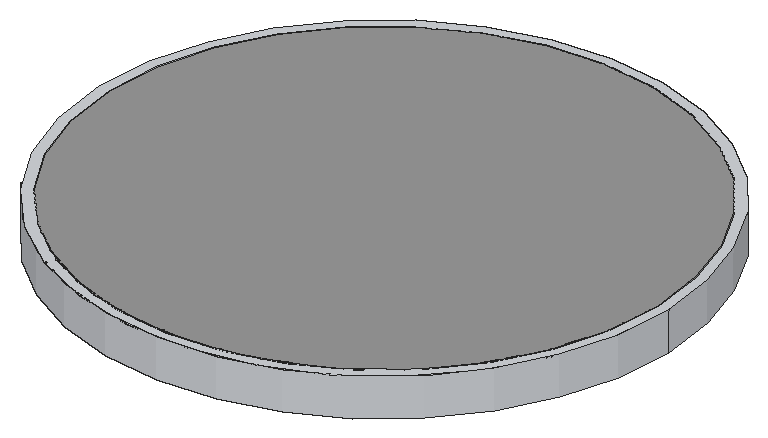
Revit family "2071262", category Lighting Fixtures, host Face, Revit 2018
Family settings
  Host = Face
  Round Connector Dimension = Use Diameter
  Part Type = Normal
  OmniClass Number = 23.80.70.00
  OmniClass Title = Lighting
  Cut with Voids When Loaded = No
  Light Source = Yes
  Shared = No
  Room Calculation Point = No
Parameters (values of type "2071262 COLOSSAL 900 830 PR DIR+H WHT DALI EM")
  iner diameter = 856 mm
  Weight = "n/a"
  Wattage Comments = ""
  Wattage = 30 W
  WarrantyStartDate [instance] = "n/a"
  WarrantyGuarantorParts = "n/a"
  WarrantyDurationUnit = "n/a"
  WarrantyDurationParts = ""
  WarrantyDescription = "http://www.sylvania-lighting.com"
  built-in parameter 1150110 = 1 (stored number, unit not read)
  Voltage = 230 V
  URL = "0.99"
  TypeName = "COLOSSAL 900mm 830 PRISM DIR+HAL WHITE DALI EM"
  Type Image = <None>
  Type Comments = "n/a"
  built-in parameter 1114217 = 1 (stored number, unit not read)
  Tilt Angle = -90.00°
  built-in parameter 1150109 = 1 (stored number, unit not read)
  built-in parameter 1150134 = (empty or 0)
  built-in parameter 1150113 = 1 (stored number, unit not read)
  SerialNumber [instance] = "n/a"
  Photometric Web File = "2071262.ies"
  Material_3_SYL = LED-Sylvania
  PowerFactor = 0
  PowerConsumption = "Lighting"
  NominalLength = 888 mm
  NominalHeight = 93 mm
  NominalDepth = 888 mm
  Name = "COLOSSAL 900mm 830 PRISM DIR+HAL WHITE DALI EM"
  ModelReference = Name  # "COLOSSAL 900mm 830 PRISM DIR+HAL WHITE DALI EM"
  ModelNumber = "2071262"
  Model = Name  # "COLOSSAL 900mm 830 PRISM DIR+HAL WHITE DALI EM"
  Material = "Feilo Sylvania"
  ManufacturerName = "132 lm/W"
  Manufacturer = ""
  LuminousEfficacy = ""
  built-in parameter 1150105 = 270.44 (stored number, unit not read)
  Lumens = 3398.4 lm
  LuminaireType = "0"
  built-in parameter 1150115 = 1 (stored number, unit not read)
  LightOutputRatio = "LED"
  built-in parameter 1150137 = (empty or 0)
  built-in parameter 1150139 = (empty or 0)
  LampsType = Lamp  # "n/a"
  LampNominalLuminous = "3000 K"
  LampMacAdamStep = "80"
  LampColourTemperature = "LED"
  LampColourRenderingIndex = "16500"
  built-in parameter 1150112 = 1 (stored number, unit not read)
  built-in parameter 1150114 = 1 (stored number, unit not read)
  Lamp = "n/a"
  Keynote = "n/a"
  InstallationDate [instance] = "n/a"
  InputVoltage = "0"
  InputNominalFrequency = "3000"
  built-in parameter 1150132 = (empty or 0)
  built-in parameter 1150102 = (empty or 0)
  built-in parameter 1150107 = 3000 (stored number, unit not read)
  built-in parameter 1150138 = (empty or 0)
  IngressProtection = "IfcLightFixtureType"
  ImpactProtectionIndex = "IfcLightFixtureType"
  built-in parameter 1150106 = 2.7044 (stored number, unit not read)
  IfcExportType = "IfcLightFixtureType"
  IfcExportAs = "Class I"
  Emit from Circle Diameter = 385 mm
  Emit Shape Visible in Rendering = no
  ElectricShockClassification = "132"
  built-in parameter 1150104 = 10.524 (stored number, unit not read)
  DocumentationLiterature = "http://www.sylvania-lighting.com/product/en-int/products/2071262"
  DimmingControlOptions = "n/a"
  Material_2_SYL = Polycarbonate_Sylvania_White
  Dimming Lamp Color Temperature Shift = <None>
  Description = "900mm diameter circular architectural luminaire, can be surface mounted or suspended. Powder coated aluminium housing (RAL9016) with PMMA prismatic diffuser. Direct/indirect (halo) light distribution, 7895lm luminuous flux, 60W system power, 132lm/W luminiaire efficacy. DALI dimmable. 3 hours integrated emergency. Colour rendering index Ra >80, 3000K Warm White LED, chromaticity tolerance of 3-step MacAdam ellipse. IP40/IP20, IK03. 350mA drive current. UGR≤19. Electrical protection Class1, 220-240V. Reported lifetime 66k hours L90B10."
  Default Elevation = 1219.2 mm
  CreatedOn = "23/03/2022"
  CreatedBy = "@sylvania-lighting.com"
  Cost = 0
  Color Filter = 16777215
  built-in parameter 1114216 [instance] = (empty or 0)
  ClassificationValue = "EF_70_80"
  ClassificationName = "Uniclass2015"
  Material_1_SYL = Polycarbonate_Sylvania_Opal
  BarCode [instance] = "n/a"
  built-in parameter 1114218 = 1 (stored number, unit not read)
  built-in parameter 1150133 = 10 (stored number, unit not read)
  AssetType = "Fixed"
  AssetIdentifier [instance] = "n/a"
  Assembly Code = "D5020200"
  Apparent Load = 60 VA
  Material_4_SYL = none
Reference planes
  plane 1 "Center (Front/Back)": y = 0
  plane 2: z = 0
  plane 3 "Center (Left/Right)": x = 0
  plane 4: z = 1.161
  plane 5: z = 16.161
  plane 6: x = -444
  plane 7: x = 444
  plane 8: y = 444
  plane 9: y = -444
  plane 10: y = 236
  plane 11: y = -236
  plane 12: x = 85
  plane 13: x = -85
  plane 14: through (0, 0, 1219.2) normal (0.5, 0.866, 0)
  plane 15: through (42.5, 73.612, 1219.2) normal (0.5, 0.866, 0)
  plane 16: through (-42.5, -73.612, 1219.2) normal (0.5, 0.866, 0)
  plane 17: through (0, 0, 1219.2) normal (0.5, -0.866, 0)
  plane 18: through (-42.5, 73.612, 1219.2) normal (0.5, -0.866, 0)
  plane 19: through (42.5, -73.612, 1219.2) normal (0.5, -0.866, 0)
  plane 20: z = 93
  plane 21: y = 428
  plane 22: y = -428
Forms (mm)
  Extrusion 1, solid, detail levels medium+fine
    sketch origin (0, 0, 0) x (0.866025, -0.5, 0) y (0.5, 0.866025, 0)
      loop
        circle (-50, 86.603) r 22
    from 0 to 2
  Extrusion 2, solid, detail levels medium+fine
    sketch origin (0, 0, 0) x (0.866025, -0.5, 0) y (0.5, 0.866025, 0)
      loop
        circle (100, 0) r 22
      loop
        circle (-50, -86.603) r 22
    from 0 to 2
  Blend 3, solid, detail levels medium+fine
    base sketch origin (0, 0, 0) x (1, 0, 0) y (0, 1, 0)
      loop
        line (-85, 236) -> (-246.882, -44.388) -> (-161.882, -191.612) -> (161.882, -191.612) -> (246.882, -44.388) -> (85, 236) -> (-85, 236)
    top sketch origin (0, 0, 0) x (1, 0, 0) y (0, 1, 0)
      loop
        line (-85, 283.076) -> (-287.651, -67.926) -> (-207.792, -218.119) -> (207.792, -218.119) -> (292.5, -71.401) -> (85, 283.076) -> (-85, 283.076)
    from 0 to 33.022
  Extrusion 4, solid, detail levels medium+fine
    sketch origin (0, 0, 0) x (1, 0, 0) y (0, 1, 0)
      loop
        circle (0, 0) r 444
    from 33.022 to 93
  Extrusion 5, void
    sketch origin (0, 0, 0) x (1, 0, 0) y (0, 1, 0)
      loop
        circle (0, 0) r 428
    from 96.588 to 37.292
  Extrusion 6, solid, material "Glass, White, High Luminance", detail levels fine
    sketch origin (0, 0, 0) x (1, 0, 0) y (0, 1, 0)
      loop
        circle (0, 0) r 428
    from 87.991 to 93
  Extrusion 7, solid, detail levels coarse
    sketch origin (0, 0, 0) x (1, 0, 0) y (0, 1, 0)
      loop
        line (-444, 444) -> (-444, -444) -> (444, -444) -> (444, 444) -> (-444, 444)
    from 0 to 93.648
Cuts and joins
  Extrusion 5 cuts Extrusion 1
  Extrusion 5 cuts Extrusion 2
  Extrusion 5 cuts Blend 3
  Extrusion 5 cuts Extrusion 4
Lines and regions (mm)
  model lines, detail levels medium+fine
    curve 1: circle (0, 0, 0) r 100 normal (0, 0, 1)
Dimensions and locks
  "NominalDepth": plane 8 to plane 9
  plane 8 to plane 1 "Center (Front/Back)" to plane 9 = 444 mm, 444 mm
  "NominalLength": plane 6 to plane 7
  equal spacing: plane 6, plane 3 "Center (Left/Right)", plane 7
  "NominalHeight": level to plane 20
  "iner diameter": plane 21 to plane 22
  equal spacing: plane 21, plane 1 "Center (Front/Back)", plane 22
  aligned and locked: plane 2 to host face
  aligned and locked: level to host face
Automatic sketch dimensions
  host sketch curve to host sketch curve = 2438.4 mm  (x2)
  Extrusion 1 sketch curve to plane 3 "Center (Left/Right)" = 0 mm
  Extrusion 1 sketch curve to plane 1 "Center (Front/Back)" = 100 mm
  plane 1 "Center (Front/Back)" to Extrusion 2 sketch curve = 50 mm
  Extrusion 2 sketch curve to plane 3 "Center (Left/Right)" = 86.603 mm
  Extrusion 2 sketch curve to Extrusion 2 sketch curve = 150 mm
  Extrusion 2 sketch curve to Extrusion 2 sketch curve = 86.603 mm
  plane 1 "Center (Front/Back)" to curve 1 = 0 mm
  curve 1 to plane 3 "Center (Left/Right)" = 0 mm
  plane 18 to Blend 3 sketch curve = 0 mm  (x2)
  plane 19 to Blend 3 sketch curve = 0 mm  (x2)
  Blend 3 sketch curve to plane 10 = 0 mm
  Blend 3 sketch curve to plane 13 = 0 mm  (x2)
  Blend 3 sketch curve to plane 12 = 0 mm  (x2)
  Blend 3 sketch curve to plane 16 = 0 mm  (x2)
  Blend 3 sketch curve to plane 15 = 0 mm
  plane 11 to Blend 3 sketch curve = 44.388 mm
  plane 1 "Center (Front/Back)" to Blend 3 sketch curve = 44.388 mm  (x2)
  plane 11 to Blend 3 sketch curve = 17.881 mm
  plane 1 "Center (Front/Back)" to Blend 3 sketch curve = 67.926 mm
  plane 1 "Center (Front/Back)" to Blend 3 sketch curve = 71.401 mm
  Blend 3 sketch curve to plane 7 = 151.5 mm
  plane 10 to Blend 3 sketch curve = 47.076 mm
  plane 1 "Center (Front/Back)" to Extrusion 4 sketch curve = 0 mm
  Extrusion 4 sketch curve to plane 3 "Center (Left/Right)" = 0 mm
  plane 1 "Center (Front/Back)" to Extrusion 5 sketch curve = 0 mm
  Extrusion 5 sketch curve to plane 3 "Center (Left/Right)" = 0 mm
  plane 1 "Center (Front/Back)" to Extrusion 6 sketch curve = 0 mm
  Extrusion 6 sketch curve to plane 3 "Center (Left/Right)" = 0 mm
  Extrusion 7 sketch curve to plane 6 = 0 mm
  Extrusion 7 sketch curve to plane 7 = 0 mm
  Extrusion 7 sketch curve to plane 9 = 0 mm
  Extrusion 7 sketch curve to plane 8 = 0 mm
  radius of Extrusion 1 sketch curve = 22 mm
  radius of Extrusion 2 sketch curve = 22 mm  (x2)
  radius of curve 1 = 100 mm
  radius of Extrusion 4 sketch curve = 444 mm
  radius of Extrusion 5 sketch curve = 428 mm
  radius of Extrusion 6 sketch curve = 428 mm
Connectors
  electrical at (0, 0, 0), driven by "Apparent Load", driven by "PowerFactor", driven by "Voltage"
    settings: index 1, voltage 230 V, apparent load 60 VA, apparent load phase1 0 VA, apparent load phase2 0 VA, apparent load phase3 0 VA, power factor 0, load classification "Lighting", number of poles 1, system type 30, power factor state 1, is connector primary yes, connector utility no, sub classification motor no, connector description ""
